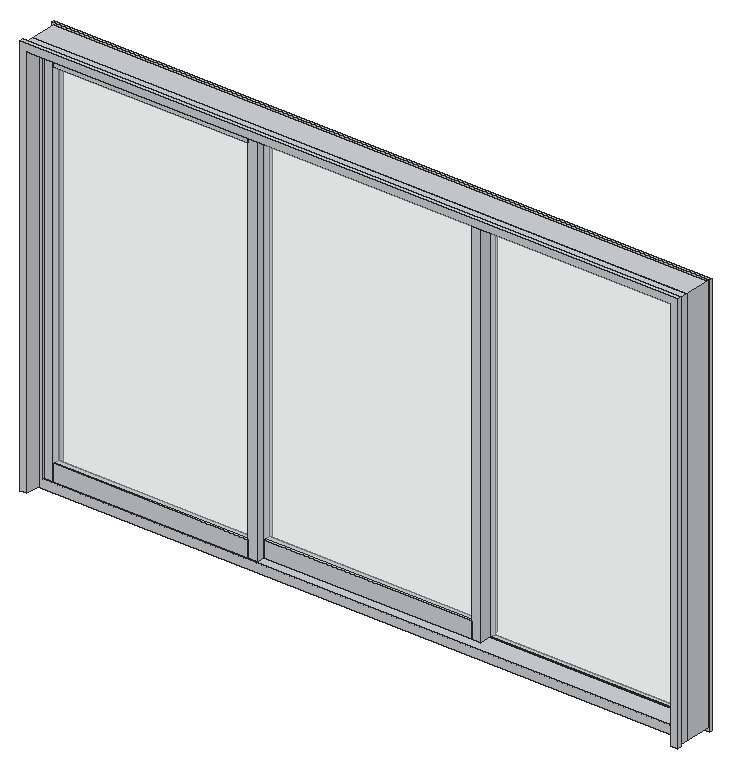
Revit family "APL Residential Thermal Heart Sliding Door SSF", category Doors, host Wall, Revit 2017 (continued)
Definition of nested family "APL Residential Thermal Heart Sliding Door SSF Vertical Section"
  Definition of nested family "Three Panel Head"
    Definition of nested family "65410_Frame"
      Lines and regions (mm)
        model lines, in view "Ref. Level"
          curve 572: arc (83.313, -7.732, 0) -> (83.439, -7.819, 0) -> (83.505, -7.957, 0) r 0.3
          curve 573: arc (83.505, -7.957, 0) -> (83.778, -8.199, 0) -> (84.083, -8, 0) r 0.3
          curve 574: arc (86.7, -8, 0) -> (86.841, -8.059, 0) -> (86.9, -8.2, 0) r 0.2
          curve 575: arc (86.9, -11.3, 0) -> (86.959, -11.441, 0) -> (87.1, -11.5, 0) r 0.2
          curve 576: arc (89.2, -11.5, 0) -> (89.341, -11.441, 0) -> (89.4, -11.3, 0) r 0.2
          curve 577: arc (89.4, -10.2, 0) -> (89.459, -10.059, 0) -> (89.6, -10, 0) r 0.2
          curve 578: line (89.6, -10, 0) -> (95.4, -10, 0)
          curve 579: line (95.4, -10, 0) -> (95.8, -10.4, 0)
          curve 580: line (95.8, -10.4, 0) -> (96.2, -10, 0)
          curve 581: line (96.2, -10, 0) -> (101.9, -10, 0)
          curve 582: line (102.1, -10.2, 0) -> (102.1, -11.1, 0)
          curve 583: line (102.3, -11.3, 0) -> (109.1, -11.3, 0)
          curve 584: line (109.6, -10.8, 0) -> (109.6, -9.5, 0)
          curve 585: line (109.4, -9.3, 0) -> (107.3, -9.3, 0)
          curve 586: line (107.1, -9.1, 0) -> (107.1, -8.2, 0)
          curve 587: line (107.3, -8, 0) -> (112.1, -8, 0)
          curve 588: line (112.6, -7.5, 0) -> (112.6, 9.1, 0)
          curve 589: line (112.4, 9.3, 0) -> (111.7, 9.3, 0)
          curve 590: line (111.5, 9.1, 0) -> (111.5, 8.8, 0)
          curve 591: line (110.5, 8.8, 0) -> (110.5, 11.35, 0)
          curve 592: line (111.5, 11.35, 0) -> (111.5, 10.5, 0)
          curve 593: line (111.7, 10.3, 0) -> (112.7, 10.3, 0)
          curve 594: line (112.9, 10.5, 0) -> (112.9, 17.8, 0)
          curve 595: line (112.7, 18, 0) -> (111.701, 18, 0)
          curve 596: line (111.5, 17.8, 0) -> (111.5, 16.95, 0)
          curve 597: line (110.5, 16.95, 0) -> (110.5, 18.5, 0)
          curve 598: line (111, 19, 0) -> (116, 19, 0)
          curve 599: line (116.5, 18.5, 0) -> (116.5, 16.95, 0)
          curve 600: line (115.5, 16.95, 0) -> (115.5, 17.8, 0)
          curve 601: line (115.3, 18, 0) -> (114.3, 18, 0)
          curve 602: line (114.1, 17.8, 0) -> (114.1, 10.5, 0)
          curve 603: line (114.3, 10.3, 0) -> (115.3, 10.3, 0)
          curve 604: line (115.5, 10.5, 0) -> (115.5, 11.35, 0)
          curve 605: line (116.5, 11.35, 0) -> (116.5, 8.8, 0)
          curve 606: line (115.5, 8.8, 0) -> (115.5, 9.1, 0)
          curve 607: line (115.3, 9.3, 0) -> (114.6, 9.3, 0)
          curve 608: line (114.4, 9.1, 0) -> (114.4, -7.5, 0)
          curve 609: line (114.9, -8, 0) -> (117.117, -8, 0)
          curve 610: line (117.887, -7.732, 0) -> (119.297, -7.218, 0)
          curve 611: line (119.699, -7.526, 0) -> (119.492, -9.892, 0)
          curve 612: line (119.405, -10.078, 0) -> (119.041, -10.441, 0)
          curve 613: line (118.707, -10.352, 0) -> (118.662, -10.184, 0)
          curve 614: line (118.662, -10.184, 0) -> (116.532, -9.51, 0)
          curve 615: line (116.532, -9.51, 0) -> (116.3, -9.5, 0)
          curve 616: line (116.2, -10.247, 0) -> (116.2, -13.475, 0)
          curve 617: line (116.2, -13.475, 0) -> (116.006, -14.25, 0)
          curve 618: line (116.2, -14.5, 0) -> (116.721, -14.5, 0)
          curve 619: line (116.721, -14.5, 0) -> (118.131, -13.691, 0)
          curve 620: line (118.7, -13.55, 0) -> (118.7, -15.126, 0)
          curve 621: line (118.7, -16.874, 0) -> (118.7, -18.45, 0)
          curve 622: line (118.131, -18.309, 0) -> (116.877, -17.544, 0)
          curve 623: line (116.877, -17.544, 0) -> (116.2, -17.5, 0)
          curve 624: line (116.006, -17.75, 0) -> (116.194, -18.475, 0)
          curve 625: line (116.194, -18.475, 0) -> (116.2, -21.753, 0)
          curve 626: line (116.454, -22.5, 0) -> (118.521, -21.957, 0)
          curve 627: line (118.521, -21.957, 0) -> (118.707, -21.648, 0)
          curve 628: line (119.041, -21.559, 0) -> (119.405, -21.922, 0)
          curve 629: line (119.492, -22.108, 0) -> (119.699, -24.474, 0)
          curve 630: line (119.297, -24.782, 0) -> (117.887, -24.268, 0)
          curve 631: line (117.117, -24, 0) -> (114.8, -24, 0)
          curve 632: line (114.3, -23.5, 0) -> (114.3, -19, 0)
          curve 633: line (114.1, -18.8, 0) -> (105.3, -18.8, 0)
          curve 634: line (104.8, -18.3, 0) -> (104.8, -17.8, 0)
          curve 635: line (105.3, -17.3, 0) -> (106.727, -17.3, 0)
          curve 636: line (106.827, -13.2, 0) -> (102.3, -13.2, 0)
          curve 637: line (100.048, -11.9, 0) -> (91.556, -11.9, 0)
          curve 638: line (89.2, -13.4, 0) -> (87.9, -13.4, 0)
          curve 639: line (86.9, -14.4, 0) -> (86.9, -23.5, 0)
          curve 640: line (86.4, -24, 0) -> (84.083, -24, 0)
          curve 641: line (83.313, -24.268, 0) -> (81.903, -24.782, 0)
          curve 642: line (81.501, -24.474, 0) -> (81.708, -22.108, 0)
          curve 643: line (81.795, -21.922, 0) -> (82.159, -21.559, 0)
          curve 644: line (82.493, -21.648, 0) -> (82.538, -21.816, 0)
          curve 645: line (82.538, -21.816, 0) -> (84.668, -22.49, 0)
          curve 646: line (84.668, -22.49, 0) -> (84.9, -22.5, 0)
          curve 647: line (85, -21.753, 0) -> (85, -18.525, 0)
          curve 648: line (85, -18.525, 0) -> (85.194, -17.75, 0)
          curve 649: line (85, -17.5, 0) -> (84.479, -17.5, 0)
          curve 650: line (84.479, -17.5, 0) -> (83.069, -18.309, 0)
          curve 651: line (82.5, -18.45, 0) -> (82.5, -16.874, 0)
          curve 652: line (82.5, -15.126, 0) -> (82.5, -13.55, 0)
          curve 653: line (83.069, -13.691, 0) -> (84.323, -14.456, 0)
          curve 654: line (84.323, -14.456, 0) -> (85, -14.5, 0)
          curve 655: line (85.194, -14.25, 0) -> (85.006, -13.525, 0)
          curve 656: line (85.006, -13.525, 0) -> (85, -10.247, 0)
          curve 657: line (84.746, -9.5, 0) -> (82.679, -10.043, 0)
          curve 658: line (82.679, -10.043, 0) -> (82.493, -10.352, 0)
          curve 659: line (82.159, -10.441, 0) -> (81.795, -10.078, 0)
          curve 660: line (81.708, -9.892, 0) -> (81.501, -7.526, 0)
          curve 661: line (81.903, -7.218, 0) -> (83.313, -7.732, 0)
          curve 662: line (84.083, -8, 0) -> (86.7, -8, 0)
          curve 663: line (86.9, -8.2, 0) -> (86.9, -11.3, 0)
          curve 664: line (87.1, -11.5, 0) -> (89.2, -11.5, 0)
          curve 665: line (89.4, -11.3, 0) -> (89.4, -10.2, 0)
          curve 666: arc (159.4, 11.877, 0) -> (159.327, 11.95, 0) -> (159.3, 12.05, 0) r 0.2
          curve 667: arc (159.3, 16.25, 0) -> (159.327, 16.35, 0) -> (159.4, 16.423, 0) r 0.2
          curve 668: arc (159.4, 16.423, 0) -> (159.473, 16.496, 0) -> (159.5, 16.596, 0) r 0.2
          curve 669: arc (159.5, 17.8, 0) -> (159.441, 17.941, 0) -> (159.3, 18, 0) r 0.2
          curve 670: arc (157.701, 18, 0) -> (157.559, 17.942, 0) -> (157.5, 17.8, 0) r 0.2
          curve 671: arc (157.5, 16.95, 0) -> (157, 16.451, 0) -> (156.5, 16.95, 0) r 0.5
          curve 672: arc (156.5, 18.5, 0) -> (156.646, 18.854, 0) -> (157, 19, 0) r 0.499
          curve 673: arc (160.5, 19, 0) -> (160.847, 18.847, 0) -> (161, 18.5, 0) r 0.523
          curve 674: arc (161, -2.5, 0) -> (160.856, -2.856, 0) -> (160.5, -3, 0) r 0.493
          curve 675: arc (157.7, -3, 0) -> (157.558, -3.058, 0) -> (157.5, -3.2, 0) r 0.199
          curve 676: arc (157.5, -10.801, 0) -> (156.852, -12.441, 0) -> (155.258, -13.195, 0) r 2.399
          curve 677: arc (155.258, -13.195, 0) -> (154.878, -13.412, 0) -> (154.814, -13.844, 0) r 0.5
          curve 678: arc (154.814, -13.844, 0) -> (155, -15.047, 0) -> (154.816, -16.25, 0) r 4
          curve 679: arc (154.816, -16.25, 0) -> (154.89, -16.696, 0) -> (155.293, -16.9, 0) r 0.5
          curve 680: arc (155.5, -16.9, 0) -> (156.914, -17.486, 0) -> (157.5, -18.9, 0) r 2.001
          curve 681: arc (166.75, -22.5, 0) -> (167.501, -23.253, 0) -> (166.745, -24, 0) r 0.75
          curve 682: arc (157.5, -24, 0) -> (156.439, -23.561, 0) -> (156, -22.5, 0) r 1.5
          curve 683: arc (156, -19, 0) -> (155.941, -18.859, 0) -> (155.8, -18.8, 0) r 0.2
          curve 684: arc (146.5, -18.8, 0) -> (146.146, -18.654, 0) -> (146, -18.3, 0) r 0.5
          curve 685: arc (146, -17.8, 0) -> (146.146, -17.446, 0) -> (146.5, -17.3, 0) r 0.5
          curve 686: arc (147.927, -17.3, 0) -> (148.266, -17.167, 0) -> (148.426, -16.84, 0) r 0.5
          curve 687: arc (148.426, -16.84, 0) -> (148.912, -16.197, 0) -> (149.7, -16.366, 0) r 0.75
          curve 688: arc (149.7, -16.366, 0) -> (151, -16.9, 0) -> (152.3, -16.366, 0) r 1.85
          curve 689: arc (152.3, -16.366, 0) -> (152.442, -16.256, 0) -> (152.607, -16.183, 0) r 0.75
          curve 690: arc (152.607, -16.183, 0) -> (152.791, -16.08, 0) -> (152.916, -15.91, 0) r 0.5
          curve 691: arc (152.916, -15.91, 0) -> (153.1, -15.05, 0) -> (152.916, -14.19, 0) r 2.1
          curve 692: arc (152.916, -14.19, 0) -> (152.791, -14.02, 0) -> (152.607, -13.917, 0) r 0.5
          curve 693: arc (152.607, -13.917, 0) -> (152.442, -13.844, 0) -> (152.3, -13.734, 0) r 0.75
          curve 694: arc (152.3, -13.734, 0) -> (151, -13.2, 0) -> (149.7, -13.734, 0) r 1.85
          curve 695: arc (149.7, -13.734, 0) -> (149.027, -13.936, 0) -> (148.482, -13.491, 0) r 0.75
          curve 696: arc (148.482, -13.491, 0) -> (148.32, -13.284, 0) -> (148.075, -13.188, 0) r 0.5
          curve 697: arc (148.075, -13.188, 0) -> (147.154, -12.86, 0) -> (146.481, -12.15, 0) r 2.1
          curve 698: arc (146.481, -12.15, 0) -> (146.298, -11.967, 0) -> (146.048, -11.9, 0) r 0.5
          curve 699: arc (137.556, -11.9, 0) -> (137.287, -11.978, 0) -> (137.103, -12.188, 0) r 0.5
          curve 700: arc (137.103, -12.188, 0) -> (136.328, -13.071, 0) -> (135.2, -13.4, 0) r 2.1
          curve 701: arc (133.9, -13.4, 0) -> (133.193, -13.693, 0) -> (132.9, -14.4, 0) r 1
          curve 702: arc (132.9, -23.5, 0) -> (132.754, -23.854, 0) -> (132.4, -24, 0) r 0.5
          curve 703: arc (130.083, -24, 0) -> (129.778, -23.801, 0) -> (129.505, -24.043, 0) r 0.3
          curve 704: arc (129.505, -24.043, 0) -> (129.439, -24.181, 0) -> (129.313, -24.268, 0) r 0.3
          curve 705: arc (127.903, -24.782, 0) -> (127.617, -24.738, 0) -> (127.501, -24.474, 0) r 0.3
          curve 706: arc (127.708, -22.108, 0) -> (127.735, -22.008, 0) -> (127.795, -21.922, 0) r 0.3
          curve 707: arc (128.159, -21.559, 0) -> (128.352, -21.507, 0) -> (128.493, -21.648, 0) r 0.2
          curve 708: arc (128.538, -21.816, 0) -> (128.59, -21.905, 0) -> (128.679, -21.957, 0) r 0.2
          curve 709: arc (130.9, -22.5, 0) -> (131.18, -22.307, 0) -> (131.1, -21.976, 0) r 0.3
          curve 710: arc (131.1, -21.976, 0) -> (131.026, -21.875, 0) -> (131, -21.753, 0) r 0.3
          curve 711: arc (131.194, -17.75, 0) -> (131.158, -17.578, 0) -> (131, -17.5, 0) r 0.2
          curve 712: arc (130.479, -17.5, 0) -> (130.398, -17.511, 0) -> (130.323, -17.544, 0) r 0.3
          curve 713: arc (129.069, -18.309, 0) -> (129.072, -18.479, 0) -> (128.966, -18.611, 0) r 0.25
          curve 714: arc (128.88, -18.663, 0) -> (128.628, -18.668, 0) -> (128.5, -18.45, 0) r 0.25
          curve 715: arc (128.5, -16.874, 0) -> (128.582, -16.477, 0) -> (128.815, -16.146, 0) r 1
          curve 716: arc (128.815, -16.146, 0) -> (128.878, -16, 0) -> (128.815, -15.854, 0) r 0.2
          curve 717: arc (128.815, -15.854, 0) -> (128.582, -15.523, 0) -> (128.5, -15.126, 0) r 1
          curve 718: arc (128.5, -13.55, 0) -> (128.628, -13.332, 0) -> (128.88, -13.337, 0) r 0.25
          curve 719: arc (128.966, -13.389, 0) -> (129.072, -13.521, 0) -> (129.069, -13.691, 0) r 0.25
          curve 720: arc (130.323, -14.456, 0) -> (130.398, -14.489, 0) -> (130.479, -14.5, 0) r 0.3
          curve 721: arc (131, -14.5, 0) -> (131.158, -14.422, 0) -> (131.194, -14.25, 0) r 0.2
          curve 722: arc (131, -10.247, 0) -> (131.026, -10.125, 0) -> (131.1, -10.024, 0) r 0.3
          curve 723: arc (131.1, -10.024, 0) -> (131.18, -9.693, 0) -> (130.9, -9.5, 0) r 0.3
          curve 724: arc (128.679, -10.043, 0) -> (128.59, -10.095, 0) -> (128.538, -10.184, 0) r 0.2
          curve 725: arc (128.493, -10.352, 0) -> (128.352, -10.493, 0) -> (128.159, -10.441, 0) r 0.2
          curve 726: arc (127.795, -10.078, 0) -> (127.735, -9.992, 0) -> (127.708, -9.892, 0) r 0.3
          curve 727: arc (127.501, -7.526, 0) -> (127.617, -7.262, 0) -> (127.903, -7.218, 0) r 0.3
          curve 728: arc (129.313, -7.732, 0) -> (129.439, -7.819, 0) -> (129.505, -7.957, 0) r 0.3
          curve 729: arc (129.505, -7.957, 0) -> (129.778, -8.199, 0) -> (130.083, -8, 0) r 0.3
          curve 730: arc (132.7, -8, 0) -> (132.841, -8.059, 0) -> (132.9, -8.2, 0) r 0.2
          curve 731: arc (132.9, -11.3, 0) -> (132.959, -11.441, 0) -> (133.1, -11.5, 0) r 0.2
          curve 732: arc (135.2, -11.5, 0) -> (135.341, -11.441, 0) -> (135.4, -11.3, 0) r 0.2
          curve 733: arc (135.4, -10.2, 0) -> (135.459, -10.059, 0) -> (135.6, -10, 0) r 0.2
          curve 734: arc (147.9, -10, 0) -> (148.042, -10.059, 0) -> (148.1, -10.2, 0) r 0.2
          curve 735: arc (148.1, -11.1, 0) -> (148.159, -11.241, 0) -> (148.3, -11.3, 0) r 0.2
          curve 736: arc (155.1, -11.3, 0) -> (155.454, -11.154, 0) -> (155.6, -10.8, 0) r 0.5
          curve 737: arc (155.6, -9.5, 0) -> (155.541, -9.359, 0) -> (155.4, -9.3, 0) r 0.2
          curve 738: arc (153.3, -9.3, 0) -> (153.159, -9.241, 0) -> (153.1, -9.1, 0) r 0.2
          curve 739: arc (153.1, -8.2, 0) -> (153.159, -8.059, 0) -> (153.3, -8, 0) r 0.2
          curve 740: arc (155.5, -8, 0) -> (155.854, -7.854, 0) -> (156, -7.5, 0) r 0.5
          curve 741: arc (156, -1.2, 0) -> (156.146, -0.846, 0) -> (156.5, -0.7, 0) r 0.5
          curve 742: arc (157.3, -0.7, 0) -> (157.441, -0.759, 0) -> (157.5, -0.9, 0) r 0.2
          curve 743: arc (159.3, -1.7, 0) -> (159.441, -1.641, 0) -> (159.5, -1.5, 0) r 0.2
          curve 744: arc (159.5, 3.4, 0) -> (159.1, 3.8, 0) -> (159.5, 4.2, 0) r 0.4
          curve 745: arc (159.5, 9.1, 0) -> (159.441, 9.241, 0) -> (159.3, 9.3, 0) r 0.2
          curve 746: arc (157.5, 8.7, 0) -> (157.383, 8.417, 0) -> (157.1, 8.3, 0) r 0.4
          curve 747: arc (157, 8.3, 0) -> (156.646, 8.447, 0) -> (156.5, 8.8, 0) r 0.5
          curve 748: arc (156.5, 11.35, 0) -> (157, 11.85, 0) -> (157.5, 11.35, 0) r 0.5
          curve 749: arc (157.5, 10.5, 0) -> (157.559, 10.359, 0) -> (157.7, 10.3, 0) r 0.2
          curve 750: arc (159.3, 10.3, 0) -> (159.441, 10.359, 0) -> (159.5, 10.5, 0) r 0.2
          curve 751: line (159.3, 12.05, 0) -> (159.3, 16.25, 0)
          curve 752: line (159.5, 16.596, 0) -> (159.5, 17.8, 0)
          curve 753: line (159.3, 18, 0) -> (157.701, 18, 0)
          curve 754: line (157.5, 17.8, 0) -> (157.5, 16.95, 0)
          curve 755: line (156.5, 16.95, 0) -> (156.5, 18.5, 0)
          curve 756: line (157, 19, 0) -> (160.5, 19, 0)
          curve 757: line (161, 18.5, 0) -> (161, -2.5, 0)
          curve 758: line (160.5, -3, 0) -> (157.7, -3, 0)
          curve 759: line (157.5, -3.2, 0) -> (157.5, -10.801, 0)
          curve 760: line (155.293, -16.9, 0) -> (155.5, -16.9, 0)
          curve 761: line (157.5, -18.9, 0) -> (157.5, -22.5, 0)
          curve 762: line (157.5, -22.5, 0) -> (166.75, -22.5, 0)
          curve 763: line (166.745, -24, 0) -> (165, -24, 0)
          curve 764: line (165, -24, 0) -> (164.6, -23.6, 0)
          curve 765: line (164.6, -23.6, 0) -> (158.3, -23.6, 0)
          curve 766: line (158.3, -23.6, 0) -> (157.9, -24, 0)
          curve 767: line (157.9, -24, 0) -> (157.5, -24, 0)
          curve 768: line (156, -22.5, 0) -> (156, -19, 0)
          curve 769: line (155.8, -18.8, 0) -> (146.5, -18.8, 0)
          curve 770: line (146, -18.3, 0) -> (146, -17.8, 0)
          curve 771: line (146.5, -17.3, 0) -> (147.927, -17.3, 0)
          curve 772: line (146.048, -11.9, 0) -> (137.556, -11.9, 0)
          curve 773: line (135.2, -13.4, 0) -> (133.9, -13.4, 0)
          curve 774: line (132.9, -14.4, 0) -> (132.9, -23.5, 0)
          curve 775: line (132.4, -24, 0) -> (130.083, -24, 0)
          curve 776: line (129.313, -24.268, 0) -> (127.903, -24.782, 0)
          curve 777: line (127.501, -24.474, 0) -> (127.708, -22.108, 0)
          curve 778: line (127.795, -21.922, 0) -> (128.159, -21.559, 0)
          curve 779: line (128.493, -21.648, 0) -> (128.538, -21.816, 0)
          curve 780: line (128.538, -21.816, 0) -> (130.668, -22.49, 0)
          curve 781: line (130.668, -22.49, 0) -> (130.9, -22.5, 0)
          curve 782: line (131, -21.753, 0) -> (131, -18.525, 0)
          curve 783: line (131, -18.525, 0) -> (131.194, -17.75, 0)
          curve 784: line (131, -17.5, 0) -> (130.479, -17.5, 0)
          curve 785: line (130.479, -17.5, 0) -> (129.069, -18.309, 0)
          curve 786: line (128.5, -18.45, 0) -> (128.5, -16.874, 0)
          curve 787: line (128.5, -15.126, 0) -> (128.5, -13.55, 0)
          curve 788: line (129.069, -13.691, 0) -> (130.323, -14.456, 0)
          curve 789: line (130.323, -14.456, 0) -> (131, -14.5, 0)
          curve 790: line (131.194, -14.25, 0) -> (131, -13.5, 0)
          curve 791: line (131.006, -13.525, 0) -> (131, -10.247, 0)
          curve 792: line (130.746, -9.5, 0) -> (128.679, -10.043, 0)
          curve 793: line (128.679, -10.043, 0) -> (128.493, -10.352, 0)
          curve 794: line (128.159, -10.441, 0) -> (127.795, -10.078, 0)
          curve 795: line (127.708, -9.892, 0) -> (127.501, -7.526, 0)
          curve 796: line (127.903, -7.218, 0) -> (129.313, -7.732, 0)
          curve 797: line (130.083, -8, 0) -> (132.7, -8, 0)
          curve 798: line (132.9, -8.2, 0) -> (132.9, -11.3, 0)
          curve 799: line (133.1, -11.5, 0) -> (135.2, -11.5, 0)
          curve 800: line (135.4, -11.3, 0) -> (135.4, -10.2, 0)
          curve 801: line (135.6, -10, 0) -> (141.4, -10, 0)
          curve 802: line (141.4, -10, 0) -> (141.8, -10.4, 0)
          curve 803: line (141.8, -10.4, 0) -> (142.2, -10, 0)
          curve 804: line (142.2, -10, 0) -> (147.9, -10, 0)
          curve 805: line (148.1, -10.2, 0) -> (148.1, -11.1, 0)
          curve 806: line (148.3, -11.3, 0) -> (155.1, -11.3, 0)
          curve 807: line (155.6, -10.8, 0) -> (155.6, -9.5, 0)
          curve 808: line (155.4, -9.3, 0) -> (153.3, -9.3, 0)
          curve 809: line (153.1, -9.1, 0) -> (153.1, -8.2, 0)
          curve 810: line (153.3, -8, 0) -> (155.5, -8, 0)
          curve 811: line (156, -7.5, 0) -> (156, -1.2, 0)
          curve 812: line (156.5, -0.7, 0) -> (157.3, -0.7, 0)
          curve 813: line (157.5, -0.9, 0) -> (157.5, -1.7, 0)
          curve 814: line (157.5, -1.7, 0) -> (159.3, -1.7, 0)
          curve 815: line (159.5, -1.5, 0) -> (159.5, 3.4, 0)
          curve 816: line (159.5, 4.2, 0) -> (159.5, 9.1, 0)
          curve 817: line (159.3, 9.3, 0) -> (157.5, 9.3, 0)
          curve 818: line (157.5, 9.3, 0) -> (157.5, 8.7, 0)
          curve 819: line (156.5, 8.8, 0) -> (156.5, 11.35, 0)
          curve 820: line (157.5, 11.35, 0) -> (157.5, 10.5, 0)
          curve 821: line (157.7, 10.3, 0) -> (159.3, 10.3, 0)
          curve 822: line (159.5, 10.5, 0) -> (159.5, 11.704, 0)
          curve 823: arc (159.5, 11.704, 0) -> (159.473, 11.804, 0) -> (159.4, 11.877, 0) r 0.2
          curve 824: arc (116.2, -13.6, 0) -> (116.317, -13.883, 0) -> (116.6, -14, 0) r 0.4
          curve 825: arc (116.893, -14, 0) -> (116.996, -13.986, 0) -> (117.093, -13.946, 0) r 0.4
          curve 826: arc (118.621, -13.061, 0) -> (118.911, -12.941, 0) -> (119.222, -12.9, 0) r 1.2
          curve 827: arc (120.145, -12.9, 0) -> (120.718, -12.719, 0) -> (121.084, -12.242, 0) r 1
          curve 828: arc (121.877, -10.063, 0) -> (122.024, -9.872, 0) -> (122.253, -9.8, 0) r 0.4
          curve 829: arc (124.947, -9.8, 0) -> (125.176, -9.872, 0) -> (125.323, -10.063, 0) r 0.4
          curve 830: arc (126.116, -12.242, 0) -> (126.482, -12.719, 0) -> (127.055, -12.9, 0) r 1
          curve 831: arc (127.978, -12.9, 0) -> (128.289, -12.941, 0) -> (128.579, -13.061, 0) r 1.2
          curve 832: arc (130.107, -13.946, 0) -> (130.204, -13.986, 0) -> (130.307, -14, 0) r 0.4
          curve 833: arc (130.6, -14, 0) -> (130.883, -13.883, 0) -> (131, -13.6, 0) r 0.4
          curve 834: arc (131, -10.2, 0) -> (130.883, -9.917, 0) -> (130.6, -9.8, 0) r 0.4
          curve 835: arc (130.307, -9.8, 0) -> (130.204, -9.814, 0) -> (130.107, -9.854, 0) r 0.4
          curve 836: arc (128.579, -10.739, 0) -> (128.285, -10.86, 0) -> (127.97, -10.9, 0) r 1.2
          curve 837: arc (127.97, -10.9, 0) -> (127.795, -10.847, 0) -> (127.684, -10.703, 0) r 0.3
          curve 838: arc (126.796, -8.263, 0) -> (126.649, -8.072, 0) -> (126.42, -8, 0) r 0.4
          curve 839: arc (120.78, -8, 0) -> (120.551, -8.072, 0) -> (120.404, -8.263, 0) r 0.4
          curve 840: arc (119.516, -10.703, 0) -> (119.405, -10.847, 0) -> (119.23, -10.9, 0) r 0.3
          curve 841: arc (119.23, -10.9, 0) -> (118.915, -10.86, 0) -> (118.621, -10.739, 0) r 1.2
          curve 842: arc (117.093, -9.854, 0) -> (116.996, -9.814, 0) -> (116.893, -9.8, 0) r 0.4
          curve 843: arc (116.6, -9.8, 0) -> (116.317, -9.917, 0) -> (116.2, -10.2, 0) r 0.4
          curve 844: line (116.6, -14, 0) -> (116.893, -14, 0)
          curve 845: line (117.093, -13.946, 0) -> (118.621, -13.061, 0)
          curve 846: line (119.222, -12.9, 0) -> (120.145, -12.9, 0)
          curve 847: line (121.084, -12.242, 0) -> (121.877, -10.063, 0)
          curve 848: line (122.253, -9.8, 0) -> (124.947, -9.8, 0)
          curve 849: line (125.323, -10.063, 0) -> (126.116, -12.242, 0)
          curve 850: line (127.055, -12.9, 0) -> (127.978, -12.9, 0)
          curve 851: line (128.579, -13.061, 0) -> (130.107, -13.946, 0)
          curve 852: line (130.307, -14, 0) -> (130.6, -14, 0)
          curve 853: line (131, -13.6, 0) -> (131, -10.2, 0)
          curve 854: line (130.6, -9.8, 0) -> (130.307, -9.8, 0)
          curve 855: line (130.107, -9.854, 0) -> (128.579, -10.739, 0)
          curve 856: line (127.684, -10.703, 0) -> (126.796, -8.263, 0)
          curve 857: line (126.42, -8, 0) -> (120.78, -8, 0)
          curve 858: line (120.404, -8.263, 0) -> (119.516, -10.703, 0)
          curve 859: line (118.621, -10.739, 0) -> (117.093, -9.854, 0)
          curve 860: line (116.893, -9.8, 0) -> (116.6, -9.8, 0)
          curve 861: line (116.2, -10.2, 0) -> (116.2, -13.6, 0)
          curve 862: arc (116.2, -18.4, 0) -> (116.317, -18.117, 0) -> (116.6, -18, 0) r 0.4
          curve 863: arc (116.893, -18, 0) -> (116.996, -18.014, 0) -> (117.093, -18.054, 0) r 0.4
          curve 864: arc (118.621, -18.939, 0) -> (118.911, -19.059, 0) -> (119.222, -19.1, 0) r 1.2
          curve 865: arc (120.145, -19.1, 0) -> (120.718, -19.281, 0) -> (121.084, -19.758, 0) r 1
          curve 866: arc (121.877, -21.937, 0) -> (122.024, -22.128, 0) -> (122.253, -22.2, 0) r 0.4
          curve 867: arc (124.947, -22.2, 0) -> (125.176, -22.128, 0) -> (125.323, -21.937, 0) r 0.4
          curve 868: arc (126.116, -19.758, 0) -> (126.482, -19.281, 0) -> (127.055, -19.1, 0) r 1
          curve 869: arc (127.978, -19.1, 0) -> (128.289, -19.059, 0) -> (128.579, -18.939, 0) r 1.2
          curve 870: arc (130.107, -18.054, 0) -> (130.204, -18.014, 0) -> (130.307, -18, 0) r 0.4
          curve 871: arc (130.6, -18, 0) -> (130.883, -18.117, 0) -> (131, -18.4, 0) r 0.4
          curve 872: arc (131, -21.8, 0) -> (130.883, -22.083, 0) -> (130.6, -22.2, 0) r 0.4
          curve 873: arc (130.307, -22.2, 0) -> (130.204, -22.186, 0) -> (130.107, -22.146, 0) r 0.4
          curve 874: arc (128.579, -21.262, 0) -> (128.285, -21.14, 0) -> (127.97, -21.1, 0) r 1.2
          curve 875: arc (127.97, -21.1, 0) -> (127.795, -21.153, 0) -> (127.684, -21.297, 0) r 0.3
          curve 876: arc (126.796, -23.737, 0) -> (126.649, -23.928, 0) -> (126.42, -24, 0) r 0.4
          curve 877: arc (120.78, -24, 0) -> (120.551, -23.928, 0) -> (120.404, -23.737, 0) r 0.4
          curve 878: arc (119.516, -21.297, 0) -> (119.405, -21.153, 0) -> (119.23, -21.1, 0) r 0.3
          curve 879: arc (119.23, -21.1, 0) -> (118.915, -21.14, 0) -> (118.621, -21.262, 0) r 1.2
          curve 880: arc (117.093, -22.146, 0) -> (116.996, -22.186, 0) -> (116.893, -22.2, 0) r 0.4
          curve 881: arc (116.6, -22.2, 0) -> (116.317, -22.083, 0) -> (116.2, -21.8, 0) r 0.4
          curve 882: line (116.6, -18, 0) -> (116.893, -18, 0)
          curve 883: line (117.093, -18.054, 0) -> (118.621, -18.939, 0)
          curve 884: line (119.222, -19.1, 0) -> (120.145, -19.1, 0)
          curve 885: line (121.084, -19.758, 0) -> (121.877, -21.937, 0)
          curve 886: line (122.253, -22.2, 0) -> (124.947, -22.2, 0)
          curve 887: line (125.323, -21.937, 0) -> (126.116, -19.758, 0)
          curve 888: line (127.055, -19.1, 0) -> (127.978, -19.1, 0)
          curve 889: line (128.579, -18.939, 0) -> (130.107, -18.054, 0)
          curve 890: line (130.307, -18, 0) -> (130.6, -18, 0)
          curve 891: line (131, -18.4, 0) -> (131, -21.8, 0)
          curve 892: line (130.6, -22.2, 0) -> (130.307, -22.2, 0)
          curve 893: line (130.107, -22.146, 0) -> (128.579, -21.262, 0)
          curve 894: line (127.684, -21.297, 0) -> (126.796, -23.737, 0)
          curve 895: line (126.42, -24, 0) -> (120.78, -24, 0)
          curve 896: line (120.404, -23.737, 0) -> (119.516, -21.297, 0)
          curve 897: line (118.621, -21.262, 0) -> (117.093, -22.146, 0)
          curve 898: line (116.893, -22.2, 0) -> (116.6, -22.2, 0)
          curve 899: line (116.2, -21.8, 0) -> (116.2, -18.4, 0)
      Text (mm)
        text "65410" at (71.918, 37.65, 0), in view "Ref. Level"
Types (2, lengths in mm): name | Rough Height | Height | Reveal Liner | Architrave
  Liner | 2213 | 2200.5 | yes | no
  Architrave | 2215 | 2202.5 | no | yes
